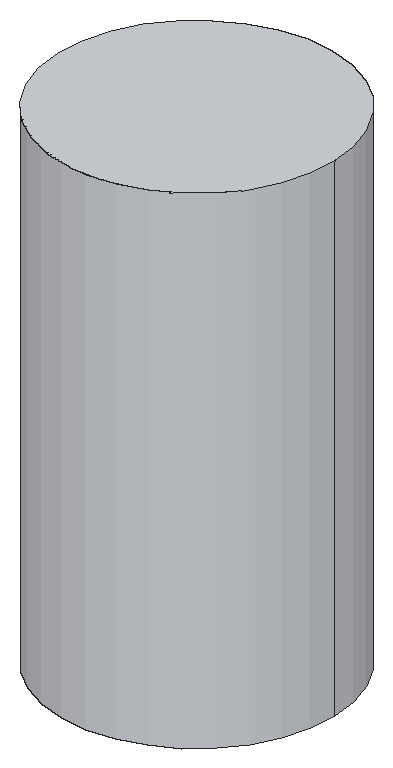
Revit family "CVC_Vase-expansion_Pneumatex_PNU", category Equipement de génie climatique, Revit 2026
Family settings
  Cote de connecteur circulaire = Utiliser le diamètre
  Type d'élément = Normal
  Basée sur le plan de construction = Non
  Toujours verticalement = Oui
  Couper avec des vides une fois chargée = Non
  Conserver l'orientation des annotations = Non
  Partagée = Non
  Repère de localisation dans la pièce = Non
Parameters (values of type "PNU")
  Source = "CCTP lot 12 § 4.3.3"
  Modèle = "PNU"
  Fabricant = "Pneumatex"
  Elévation par défaut = 0 mm
  Description = "Vase d expansion"
  Caractéristiques CCTP = "Vase sous pression d azote avec vessie ; 2 unités"
  A vérifier = "Volume non donné au CCTP : taille (Ø500x900) à dimensionner"
Reference planes
  plane 1 "Centre (avant/arrière)": y = 0
  plane 2: z = 0
  plane 3 "Centre (gauche/droite)": x = 0
Forms (mm)
  Extrusion 1, solid
    sketch origin (0, 0, 0) x (1, 0, 0) y (0, 1, 0)
      loop
        circle (0, 0) r 250
    from 0 to 900
  Extrusion 2, solid
    sketch origin (0, 0, 900) x (1, 0, 0) y (0, 1, 0)
      loop
        circle (0, 0) r 12.5
    from 0 to 60
Dimensions and locks
  aligned and locked: level to plane 2
Connectors
  piping at (0, 0, 960), diameter 25
    settings: on Extrusion 2, index 1, connector inside diameter 609.6 mm, connector length 0 mm, flow factor 0, pipe flow 0.0 L/s, pressure drop 0.0 Pa, fitting loss kfactor 0, connector angle 0.00°, fixture units 0, engagement length 0 mm, angle of deflection 0.00°, flow configuration 0, flow direction 0, fitting loss method 0, system type 22, joint type 0, gender type 0, connector reference index -1, connector utility 0, adjustable connector no, is connector primary yes, connector description "Raccordement"
